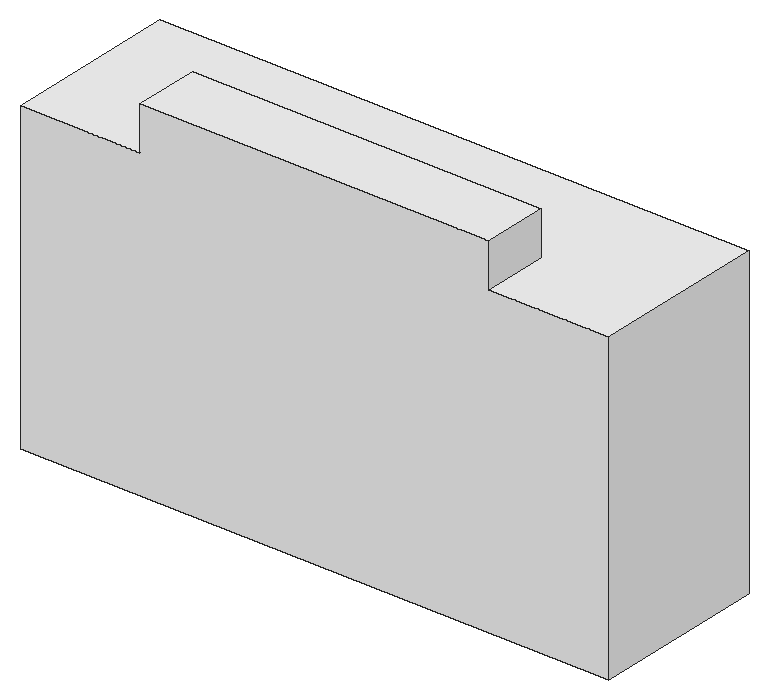
Revit family "T93023 Alu-K M LED 24m 2-s_Tak", category Lighting Fixtures, Revit 2016
Family settings
  Part Type = Normal
  Round Connector Dimension = Use Diameter
  OmniClass Number = 23.80.70.11.21
  OmniClass Title = Emergency Lighting
  Work Plane-Based = No
  Always vertical = Yes
  Cut with Voids When Loaded = No
  Light Source = Yes
  Shared = No
  Room Calculation Point = No
Parameters (values of type "MarkeringsLys (Venstre)")
  Type Comments = "-UN"
  NS8360 = "4431_WT2"
  Markeringslys normal = no
  Markeringslys ikke normal = yes
  Keynote = "WT2"
  Height 2 = 20 mm
  Width = 80 mm
  Wattage Comments = "17 W"
  Wattage = 9.2903 W
  built-in parameter 1150110 = 1 (stored number, unit not read)
  Voltage = 230 V
  URL = ""
  built-in parameter 1114217 = 1 (stored number, unit not read)
  Tilt Angle = 90.00°
  built-in parameter 1150109 = 1 (stored number, unit not read)
  built-in parameter 1150134 = 3
  Symbol Positive Direction [instance] = yes
  Symbol Offset Side [instance] = 0 mm
  Symbol Offset Out [instance] = 0 mm
  built-in parameter 1150113 = 1 (stored number, unit not read)
  Reference Line Out [instance] = 50 mm
  Photometric Web File = "20x42A12.ies"
  Number of Poles = 1
  MarkeringsLys Venstre = yes
  MarkeringsLys Ned = no
  MarkeringsLys Opp = no
  MarkeringsLys Høyre = no
  MarkeringsLys 45 Opp mot venstre = no
  MarkeringsLys 45 Opp mot høyre = no
  MarkeringsLys 45 Ned mot venstre = no
  MarkeringsLys 45 Ned mot høyre = no
  ML = yes
  built-in parameter 1150105 = 109.82 (stored number, unit not read)
  Lumens = 1380 lm
  built-in parameter 1150115 = 1 (stored number, unit not read)
  Load Classification [instance] = Other
  Model = ""
  Manufacturer = "Honeywell"
  built-in parameter 1150137 = (empty or 0)
  built-in parameter 1150139 = (empty or 0)
  Length 1 = 250 mm
  Length = 270 mm
  LedeLys = no
  built-in parameter 1150112 = 1 (stored number, unit not read)
  built-in parameter 1150114 = 1 (stored number, unit not read)
  Lamp = "1"
  built-in parameter 1150132 = (empty or 0)
  built-in parameter 1150102 = (empty or 0)
  built-in parameter 1150107 = 3200 (stored number, unit not read)
  built-in parameter 1150138 = (empty or 0)
  built-in parameter 1150106 = 1.0982 (stored number, unit not read)
  Height 1 = 122 mm
  Height = 141 mm
  Emit from Rectangle Width = Height  # 141 mm
  Emit from Rectangle Length = Length  # 270 mm
  Emit Shape Visible in Rendering = no
  built-in parameter 1150104 = 13.8 (stored number, unit not read)
  Dimming Lamp Color Temperature Shift = <None>
  Description = ""
  Color Filter = 16777215
  Body Material and Colour = White
  built-in parameter 1114218 = 1 (stored number, unit not read)
  built-in parameter 1150133 = 10 (stored number, unit not read)
  Assembly Code = "4431"
  Apparent Load = 17 VA
Types (9, lengths in mm): name | NS8360 | Markeringslys normal | Markeringslys ikke normal | MarkeringsLys Venstre | MarkeringsLys Ned | MarkeringsLys Opp | MarkeringsLys Høyre | MarkeringsLys 45 Opp mot venstre | MarkeringsLys 45 Opp mot høyre | MarkeringsLys 45 Ned mot venstre | MarkeringsLys 45 Ned mot høyre | ML | LedeLys | Assembly Code
  LedeLys | "4432_WT2" | yes | no | no | no | no | no | no | no | no | no | no | yes | "4432"
  MarkeringsLys (Ned) | "4431_WT2" | yes | no | no | yes | no | no | no | no | no | no | yes | no | "4431"
  MarkeringsLys (Opp) | "4431_WT2" | yes | no | no | no | yes | no | no | no | no | no | yes | no | "4431"
  MarkeringsLys (Venstre) | "4431_WT2" | no | yes | yes | no | no | no | no | no | no | no | yes | no | "4431"
  MarkeringsLys (Høyre) | "4431_WT2" | yes | no | no | no | no | yes | no | no | no | no | yes | no | "4431"
  MarkeringsLys (45 Ned mot høyre) | "4431_WT2" | yes | no | no | no | no | no | no | no | no | yes | yes | no | "4431"
  MarkeringsLys (45 Ned mot venstre) | "4431_WT2" | no | yes | no | no | no | no | no | no | yes | no | yes | no | "4431"
  MarkeringsLys (45 Opp mot høyre) | "4431_WT2" | yes | no | no | no | no | no | no | yes | no | no | yes | no | "4431"
  MarkeringsLys (45 Opp mot venstre) | "4431_WT2" | no | yes | no | no | no | no | yes | no | no | no | yes | no | "4431"
Reference planes
  plane 1 "Light Source Axis (F/B)": y = 119.961
  plane 2 "Top": z = 83
  plane 3 "Light Source Axis (L/R)": x = 0
  plane 4 "Level": z = -20
  plane 5 "Bottom": z = -161
  plane 6: x = -135
  plane 7: x = 135
  plane 8: y = 197.961
  plane 9: y = 199.961
  plane 10: z = -29.5
  plane 11: x = -125
  plane 12: x = 125
  plane 13: z = -90.5
  plane 14: z = -151.5
  plane 15: x = -80
  plane 16: x = 80
  plane 17: y = 149.961
Forms (mm)
  Extrusion 1, solid, material "White" <- "Body Material and Colour"
    sketch origin (0, 119.961, 0) x (1, 0, 0) y (0, 0, 1)
      loop
        line (-135, -20) -> (-135, -161) -> (135, -161) -> (135, -20) -> (-135, -20)
    from 0 to -78
  Extrusion 2, solid, material "White" <- "Body Material and Colour"
    sketch origin (0, 119.961, 0) x (1, 0, 0) y (0, 0, 1)
      loop
        line (-135, -20) -> (-135, -161) -> (135, -161) -> (135, -20) -> (-135, -20)
      loop
        line (-125, -29.5) -> (-125, -151.5) -> (125, -151.5) -> (125, -29.5) -> (-125, -29.5)
    from -80 to -78
  Extrusion 3, solid, material "White" <- "Body Material and Colour"
    sketch origin (0, 119.961, 0) x (1, 0, 0) y (0, 0, 1)
      loop
        line (-80, 0) -> (-80, -20) -> (80, -20) -> (80, 0) -> (-80, 0)
    from 0 to -30
Cuts and joins
  joined: Extrusion 1, Extrusion 2, Extrusion 3
Lines and regions (mm)
  model lines, style "InvisibleLines"
    curve 1: line (0, 119.961, 0) -> (0, 169.961, 0)
  symbolic lines, style "InvisibleLines"
    curve 2: line (0, 119.961, 50) -> (0, 119.961, 0)
Dimensions and locks
  equal spacing: plane 6, plane 3 "Light Source Axis (L/R)", plane 7
  "Length": plane 6 to plane 7
  plane 8 to plane 1 "Light Source Axis (F/B)" = 78 mm
  locked: plane 9 to plane 8 at 2
  equal spacing: plane 4 "Level", plane 13, plane 5 "Bottom"
  "Height": plane 4 "Level" to plane 5 "Bottom"
  equal spacing: plane 11, plane 3 "Light Source Axis (L/R)", plane 12
  "Length 1": plane 11 to plane 12
  equal spacing: plane 10, plane 13, plane 14
  "Height 1": plane 10 to plane 14
  "Width": plane 1 "Light Source Axis (F/B)" to plane 9
  "Reference Line Out": plane 1 "Light Source Axis (F/B)" to curve 1
  plane 11 to plane 6 = 10 mm
  "Height 2": level to plane 4 "Level"
  equal spacing: plane 16, plane 3 "Light Source Axis (L/R)", plane 15
  locked: plane 16 to plane 15 at 160
  plane 1 "Light Source Axis (F/B)" to plane 17 = 30 mm
  aligned and locked: plane 3 "Light Source Axis (L/R)" to nested 2
  aligned and locked: plane 1 "Light Source Axis (F/B)" to nested 2
  aligned and locked: plane 8 to nested 1
  aligned and locked: plane 4 "Level" to Extrusion 1 sketch curve
  aligned and locked: plane 6 to Extrusion 1 sketch curve
  aligned and locked: plane 5 "Bottom" to Extrusion 1 sketch curve
  aligned and locked: Extrusion 1 sketch curve to plane 7
  aligned and locked: Extrusion 1 to plane 8
  aligned and locked: plane 1 "Light Source Axis (F/B)" to Extrusion 1
  aligned and locked: plane 4 "Level" to Extrusion 2 sketch curve
  aligned and locked: Extrusion 2 sketch curve to plane 7
  aligned and locked: plane 5 "Bottom" to Extrusion 2 sketch curve
  aligned and locked: plane 6 to Extrusion 2 sketch curve
  aligned and locked: Extrusion 2 sketch curve to plane 10
  aligned and locked: plane 11 to Extrusion 2 sketch curve
  aligned and locked: plane 14 to Extrusion 2 sketch curve
  aligned and locked: Extrusion 2 sketch curve to plane 12
  aligned and locked: plane 8 to Extrusion 2
  aligned and locked: Extrusion 2 to plane 9
  aligned and locked: nested 1 to plane 13
  aligned and locked: plane 13 to imposter light
  aligned and locked: imposter light to plane 1 "Light Source Axis (F/B)"
  aligned and locked: imposter light to plane 3 "Light Source Axis (L/R)"
  aligned and locked: plane 1 "Light Source Axis (F/B)" to curve 1
  aligned and locked: plane 3 "Light Source Axis (L/R)" to curve 1
  aligned and locked: nested 3 to plane 3 "Light Source Axis (L/R)"
  aligned and locked: plane 13 to nested 3
  aligned and locked: nested 3 to plane 8
  aligned and locked: plane 13 to nested 4
  aligned and locked: nested 4 to plane 3 "Light Source Axis (L/R)"
  aligned and locked: nested 4 to plane 8
  aligned and locked: plane 13 to nested 5
  aligned and locked: nested 5 to plane 3 "Light Source Axis (L/R)"
  aligned and locked: nested 5 to plane 8
  aligned and locked: plane 13 to nested 6
  aligned and locked: nested 6 to plane 3 "Light Source Axis (L/R)"
  aligned and locked: nested 6 to plane 8
  aligned and locked: nested 7 to plane 8
  aligned and locked: nested 7 to plane 3 "Light Source Axis (L/R)"
  aligned and locked: plane 13 to nested 7
  aligned and locked: nested 8 to plane 8
  aligned and locked: nested 8 to plane 3 "Light Source Axis (L/R)"
  aligned and locked: plane 13 to nested 8
  aligned and locked: nested 9 to plane 8
  aligned and locked: plane 13 to nested 9
  aligned and locked: nested 9 to plane 3 "Light Source Axis (L/R)"
  aligned and locked: plane 15 to Extrusion 3 sketch curve
  aligned and locked: Extrusion 3 sketch curve to plane 16
  aligned and locked: Extrusion 3 sketch curve to level
  aligned and locked: Extrusion 3 sketch curve to plane 4 "Level"
  aligned and locked: plane 17 to Extrusion 3
  aligned and locked: level to curve 2
  aligned and locked: plane 3 "Light Source Axis (L/R)" to curve 2
  aligned and locked: plane 3 "Light Source Axis (L/R)" to nested 10
  aligned and locked: plane 1 "Light Source Axis (F/B)" to nested 10
Automatic sketch dimensions
  plane 2 "Top" to curve 2 = 33 mm
Nested families
  nested 1: "Formula 65_ned" at (0, 197.961, -90.5), type "Formula 65"
  nested 2: "LedelysS" at (0, 119.961, 0), visible <- "LedeLys", type "Type 1"
  nested 3: "Formula 65_skrått 45 grader ned mot høyre" at (0, 197.961, -90.5) x (-1, 0, 0) z (0, 0, 1), visible <- "LedeLys", type "Formula 65"
  nested 4: "Formula 65_skrått 45 grader ned mot venstre" at (0, 197.961, -90.5) x (-1, 0, 0) z (0, 0, 1), type "Formula 65"
  nested 5: "Formula 65_skrått 45 grader opp mot høyre" at (0, 197.961, -90.5) x (-1, 0, 0) z (0, 0, 1), type "Formula 65"
  nested 6: "Formula 65_skrått 45 grader opp mot venstre" at (0, 197.961, -90.5) x (-1, 0, 0) z (0, 0, 1), type "Formula 65"
  nested 7: "Formula 65_høyre" at (0, 197.961, -90.5) x (-1, 0, 0) z (0, 0, 1), type "Formula 65"
  nested 8: "Formula 65_opp" at (0, 197.961, -90.5) x (-1, 0, 0) z (0, 0, 1), type "Formula 65"
  nested 9: "Formula 65_venstre" at (0, 197.961, -90.5) x (-1, 0, 0) z (0, 0, 1), type "Formula 65"
  nested 10: "Markeringslys1sideTakS" at (0, 119.961, 0), visible <- "ML", type "Type 1"
Connectors
  electrical at (0, 119.961, 0), driven by "Number of Poles", driven by "Load Classification", driven by "Voltage", driven by "Apparent Load"
    settings: index 1, voltage 230 V, apparent load 0 VA, apparent load phase1 17 VA, apparent load phase2 0 VA, apparent load phase3 0 VA, power factor 1, load classification "Other", number of poles 1, system type 31, power factor state 1, is connector primary yes, connector utility no, sub classification motor no, connector description ""
Definition of nested family "Formula 65_venstre"
  Parameters (values of type "Formula 65")
    Venstre = yes
    L = 250 mm
    H = 135 mm
  Reference planes
    plane 1 "Center (Front/Back)": y = 0
    plane 2: z = 0
    plane 3 "Center (Left/Right)": x = 0
    plane 4: y = -2
  Forms (mm)
    Extrusion 1, solid, visible <- "Venstre"
      sketch origin (453.48, 0, -265.275) x (1, 0, 0) y (0, 0, 1)
        loop
          line (-328.48, 326.275) -> (-578.48, 326.275) -> (-578.48, 204.275) -> (-328.48, 204.275) -> (-328.48, 326.275)
        loop
          circle (-420.272, 307.901) r 7.948
        loop
          line (-413.762, 293.92) -> (-417.907, 289.775) -> (-413.259, 281.726) -> (-426.456, 270.652)
          arc (-426.456, 270.652) -> (-427.234, 269.157) -> (-426.728, 267.55) r 2.202
          line (-426.728, 267.55) -> (-424.841, 265.302)
          arc (-424.841, 265.302) -> (-423.346, 264.524) -> (-421.739, 265.03) r 2.202
          line (-421.739, 265.03) -> (-409.533, 275.272) -> (-403.944, 265.592) -> (-416.764, 254.834) -> (-416.764, 219.801)
          arc (-416.764, 219.801) -> (-415.69, 217.206) -> (-413.095, 216.131) r 3.669
          line (-413.095, 216.131) -> (-409.425, 216.131)
          arc (-409.425, 216.131) -> (-406.831, 217.206) -> (-405.756, 219.801) r 3.669
          line (-405.756, 219.801) -> (-405.756, 249.701) -> (-398.355, 255.911) -> (-392.493, 245.757) -> (-354.384, 245.757)
          arc (-354.384, 245.757) -> (-351.79, 246.832) -> (-350.715, 249.426) r 3.669
          line (-350.715, 249.426) -> (-350.715, 253.096)
          arc (-350.715, 253.096) -> (-351.79, 255.69) -> (-354.384, 256.765) r 3.669
          line (-354.384, 256.765) -> (-373.426, 256.765) -> (-391.907, 288.775) -> (-372.812, 285.056) -> (-365.934, 273.144)
          arc (-365.934, 273.144) -> (-364.541, 272.104) -> (-362.828, 272.398) r 2.202
          line (-362.828, 272.398) -> (-360.285, 274.049)
          arc (-360.285, 274.049) -> (-359.331, 275.438) -> (-359.638, 277.095) r 2.202
          line (-359.638, 277.095) -> (-369.208, 291.831) -> (-407.391, 299.266) -> (-413.762, 293.92)
        loop
          line (-533.901, 289.876) -> (-558.502, 265.275) -> (-533.901, 240.673) -> (-519.14, 240.673) -> (-536.361, 257.894) -> (-463.502, 257.894) -> (-463.502, 272.655) -> (-536.361, 272.655) -> (-519.14, 289.876) -> (-533.901, 289.876)
      from 0 to 2
  Dimensions and locks
    aligned and locked: level to plane 2
Definition of nested family "Formula 65_ned"
  Parameters (values of type "Formula 65")
    Ned = no
    L = 205 mm
    H = 135 mm
  Reference planes
    plane 1 "Center (Front/Back)": y = 0
    plane 2: z = 0
    plane 3 "Center (Left/Right)": x = 0
    plane 4: y = -2
  Forms (mm)
    Extrusion 1, solid, visible <- "Ned"
      sketch origin (453.48, 0, -265.275) x (1, 0, 0) y (0, 0, 1)
        loop
          line (-328.48, 326.275) -> (-578.48, 326.275) -> (-578.48, 204.275) -> (-328.48, 204.275) -> (-328.48, 326.275)
        loop
          line (-482.432, 242.376) -> (-482.432, 257.137) -> (-499.654, 239.916) -> (-499.654, 312.775) -> (-514.415, 312.775) -> (-514.415, 239.916) -> (-531.636, 257.137) -> (-531.636, 242.376) -> (-507.034, 217.775) -> (-482.432, 242.376)
        loop
          circle (-420.272, 307.901) r 7.948
        loop
          line (-413.762, 293.92) -> (-417.907, 289.775) -> (-413.259, 281.726) -> (-426.456, 270.652)
          arc (-426.456, 270.652) -> (-427.234, 269.157) -> (-426.728, 267.55) r 2.202
          line (-426.728, 267.55) -> (-424.841, 265.302)
          arc (-424.841, 265.302) -> (-423.346, 264.524) -> (-421.739, 265.03) r 2.202
          line (-421.739, 265.03) -> (-409.533, 275.272) -> (-403.944, 265.592) -> (-416.764, 254.834) -> (-416.764, 219.801)
          arc (-416.764, 219.801) -> (-415.69, 217.206) -> (-413.095, 216.131) r 3.669
          line (-413.095, 216.131) -> (-409.425, 216.131)
          arc (-409.425, 216.131) -> (-406.831, 217.206) -> (-405.756, 219.801) r 3.669
          line (-405.756, 219.801) -> (-405.756, 249.701) -> (-398.355, 255.911) -> (-392.493, 245.757) -> (-354.384, 245.757)
          arc (-354.384, 245.757) -> (-351.79, 246.832) -> (-350.715, 249.426) r 3.669
          line (-350.715, 249.426) -> (-350.715, 253.096)
          arc (-350.715, 253.096) -> (-351.79, 255.69) -> (-354.384, 256.765) r 3.669
          line (-354.384, 256.765) -> (-373.426, 256.765) -> (-391.907, 288.775) -> (-372.812, 285.056) -> (-365.934, 273.144)
          arc (-365.934, 273.144) -> (-364.541, 272.104) -> (-362.828, 272.398) r 2.202
          line (-362.828, 272.398) -> (-360.285, 274.049)
          arc (-360.285, 274.049) -> (-359.331, 275.438) -> (-359.638, 277.095) r 2.202
          line (-359.638, 277.095) -> (-369.208, 291.831) -> (-407.391, 299.266) -> (-413.762, 293.92)
      from 0 to 2
  Dimensions and locks
    aligned and locked: level to plane 2
Definition of nested family "LedelysS"
  Parameters
    CQ Symbol Positive Direction = yes
    CQ Symbol Negative Direction = not(CQ Symbol Positive Direction)  # no
    CQ Symbol Offset Side = 0 mm
    CQ Symbol Offset Out = 0 mm
  Reference planes
    plane 1: y = 0
    plane 2: x = 0
  Dimensions and locks
    "CQ Symbol Offset Out": plane 1 to nested 1
    "CQ Symbol Offset Out": plane 1 to nested 2
    "CQ Symbol Offset Side": plane 2 to nested 2
    "CQ Symbol Offset Side": nested 1 to plane 2
  Nested families
    nested 1: "LedelysSub" at (0, 0, 0), visible <- "CQ Symbol Negative Direction", type "Type 1"
    nested 2: "LedelysSub" at (0, 0, 0), visible <- "CQ Symbol Positive Direction", type "Type 1"
  Definition of nested family "LedelysSub"
    Reference planes
      plane 1: y = 0
      plane 2: x = 0
    Lines and regions (mm)
      detail lines
        curve 1: line (-4, 0, 0) -> (4, 0, 0)
        curve 2: line (4, 0, 0) -> (4, 4, 0)
        curve 3: line (4, 4, 0) -> (-4, 4, 0)
        curve 4: line (-4, 4, 0) -> (-4, 0, 0)
        curve 5: line (-3.097, 0.75, 0) -> (-0.597, 3.25, 0)
        curve 6: line (-3.097, 3.25, 0) -> (-0.597, 0.75, 0)
        curve 7: circle (-1.847, 2, 0) r 1.2 normal (0, 0, 1)
    Text (mm)
      text "LL" at (2.179, 3.025, 0)
Definition of nested family "Formula 65_skrått 45 grader ned mot høyre"
  Parameters (values of type "Formula 65")
    L = 205 mm
    H = 135 mm
    45 ned mot høyre = no
  Reference planes
    plane 1 "Center (Front/Back)": y = 0
    plane 2: z = 0
    plane 3 "Center (Left/Right)": x = 0
    plane 4: y = -2
    plane 5: x = -242.63
    plane 6: x = 245
  Forms (mm)
    Extrusion 1, solid, visible <- "45 ned mot høyre"
      sketch origin (453.48, 0, -265.275) x (1, 0, 0) y (0, 0, 1)
        loop
          line (-328.48, 326.275) -> (-578.48, 326.275) -> (-578.48, 204.275) -> (-328.48, 204.275) -> (-328.48, 326.275)
        loop
          circle (-486.687, 307.901) r 7.948
        loop
          line (-493.197, 293.92) -> (-499.568, 299.266) -> (-537.751, 291.831) -> (-547.321, 277.095)
          arc (-547.321, 277.095) -> (-547.628, 275.438) -> (-546.674, 274.049) r 2.202
          line (-546.674, 274.049) -> (-544.131, 272.398)
          arc (-544.131, 272.398) -> (-542.418, 272.104) -> (-541.025, 273.144) r 2.202
          line (-541.025, 273.144) -> (-534.147, 285.056) -> (-515.052, 288.775) -> (-533.533, 256.765) -> (-552.575, 256.765)
          arc (-552.575, 256.765) -> (-555.169, 255.69) -> (-556.244, 253.096) r 3.669
          line (-556.244, 253.096) -> (-556.244, 249.426)
          arc (-556.244, 249.426) -> (-555.169, 246.832) -> (-552.575, 245.757) r 3.669
          line (-552.575, 245.757) -> (-514.466, 245.757) -> (-508.604, 255.911) -> (-501.203, 249.701) -> (-501.203, 219.801)
          arc (-501.203, 219.801) -> (-500.128, 217.206) -> (-497.534, 216.131) r 3.669
          line (-497.534, 216.131) -> (-493.864, 216.131)
          arc (-493.864, 216.131) -> (-491.27, 217.206) -> (-490.195, 219.801) r 3.669
          line (-490.195, 219.801) -> (-490.195, 254.834) -> (-503.015, 265.592) -> (-497.426, 275.272) -> (-485.22, 265.03)
          arc (-485.22, 265.03) -> (-483.613, 264.524) -> (-482.118, 265.302) r 2.202
          line (-482.118, 265.302) -> (-480.232, 267.55)
          arc (-480.232, 267.55) -> (-479.725, 269.157) -> (-480.503, 270.652) r 2.202
          line (-480.503, 270.652) -> (-493.7, 281.726) -> (-489.052, 289.775) -> (-493.197, 293.92)
        loop
          line (-356.119, 266.479) -> (-366.557, 276.917) -> (-366.557, 252.562) -> (-418.076, 304.081) -> (-428.513, 293.644) -> (-376.994, 242.125) -> (-401.349, 242.125) -> (-390.911, 231.687) -> (-356.119, 231.687) -> (-356.119, 266.479)
      from 0 to 2
  Dimensions and locks
    aligned and locked: level to plane 2
Definition of nested family "Formula 65_skrått 45 grader ned mot venstre"
  Parameters (values of type "Formula 65")
    L = 205 mm
    H = 135 mm
    45 ned mot venstre = no
  Reference planes
    plane 1 "Center (Front/Back)": y = 0
    plane 2: z = 0
    plane 3 "Center (Left/Right)": x = 0
    plane 4: y = -2
  Forms (mm)
    Extrusion 1, solid, visible <- "45 ned mot venstre"
      sketch origin (453.48, 0, -265.275) x (1, 0, 0) y (0, 0, 1)
        loop
          line (-328.48, 326.275) -> (-578.48, 326.275) -> (-578.48, 204.275) -> (-328.48, 204.275) -> (-328.48, 326.275)
        loop
          circle (-420.272, 307.901) r 7.948
        loop
          line (-413.762, 293.92) -> (-417.907, 289.775) -> (-413.259, 281.726) -> (-426.456, 270.652)
          arc (-426.456, 270.652) -> (-427.234, 269.157) -> (-426.728, 267.55) r 2.202
          line (-426.728, 267.55) -> (-424.841, 265.302)
          arc (-424.841, 265.302) -> (-423.346, 264.524) -> (-421.739, 265.03) r 2.202
          line (-421.739, 265.03) -> (-409.533, 275.272) -> (-403.944, 265.592) -> (-416.764, 254.834) -> (-416.764, 219.801)
          arc (-416.764, 219.801) -> (-415.69, 217.206) -> (-413.095, 216.131) r 3.669
          line (-413.095, 216.131) -> (-409.425, 216.131)
          arc (-409.425, 216.131) -> (-406.831, 217.206) -> (-405.756, 219.801) r 3.669
          line (-405.756, 219.801) -> (-405.756, 249.701) -> (-398.355, 255.911) -> (-392.493, 245.757) -> (-354.384, 245.757)
          arc (-354.384, 245.757) -> (-351.79, 246.832) -> (-350.715, 249.426) r 3.669
          line (-350.715, 249.426) -> (-350.715, 253.096)
          arc (-350.715, 253.096) -> (-351.79, 255.69) -> (-354.384, 256.765) r 3.669
          line (-354.384, 256.765) -> (-373.426, 256.765) -> (-391.907, 288.775) -> (-372.812, 285.056) -> (-365.934, 273.144)
          arc (-365.934, 273.144) -> (-364.541, 272.104) -> (-362.828, 272.398) r 2.202
          line (-362.828, 272.398) -> (-360.285, 274.049)
          arc (-360.285, 274.049) -> (-359.331, 275.438) -> (-359.638, 277.095) r 2.202
          line (-359.638, 277.095) -> (-369.208, 291.831) -> (-407.391, 299.266) -> (-413.762, 293.92)
        loop
          line (-545.84, 266.479) -> (-545.84, 231.687) -> (-511.048, 231.687) -> (-500.61, 242.125) -> (-524.965, 242.125) -> (-473.446, 293.644) -> (-483.883, 304.081) -> (-535.402, 252.562) -> (-535.402, 276.917) -> (-545.84, 266.479)
      from 0 to 2
  Dimensions and locks
    aligned and locked: level to plane 2
Definition of nested family "Formula 65_skrått 45 grader opp mot høyre"
  Parameters (values of type "Formula 65")
    L = 205 mm
    H = 135 mm
    45 grader opp mot høyre = no
  Reference planes
    plane 1 "Center (Front/Back)": y = 0
    plane 2: z = 0
    plane 3 "Center (Left/Right)": x = 0
    plane 4: y = -2
  Forms (mm)
    Extrusion 1, solid, visible <- "45 grader opp mot høyre"
      sketch origin (453.48, 0, -265.275) x (1, 0, 0) y (0, 0, 1)
        loop
          line (-328.48, 326.275) -> (-578.48, 326.275) -> (-578.48, 204.275) -> (-328.48, 204.275) -> (-328.48, 326.275)
        loop
          circle (-486.687, 307.901) r 7.948
        loop
          line (-493.197, 293.92) -> (-499.568, 299.266) -> (-537.751, 291.831) -> (-547.321, 277.095)
          arc (-547.321, 277.095) -> (-547.628, 275.438) -> (-546.674, 274.049) r 2.202
          line (-546.674, 274.049) -> (-544.131, 272.398)
          arc (-544.131, 272.398) -> (-542.418, 272.104) -> (-541.025, 273.144) r 2.202
          line (-541.025, 273.144) -> (-534.147, 285.056) -> (-515.052, 288.775) -> (-533.533, 256.765) -> (-552.575, 256.765)
          arc (-552.575, 256.765) -> (-555.169, 255.69) -> (-556.244, 253.096) r 3.669
          line (-556.244, 253.096) -> (-556.244, 249.426)
          arc (-556.244, 249.426) -> (-555.169, 246.832) -> (-552.575, 245.757) r 3.669
          line (-552.575, 245.757) -> (-514.466, 245.757) -> (-508.604, 255.911) -> (-501.203, 249.701) -> (-501.203, 219.801)
          arc (-501.203, 219.801) -> (-500.128, 217.206) -> (-497.534, 216.131) r 3.669
          line (-497.534, 216.131) -> (-493.864, 216.131)
          arc (-493.864, 216.131) -> (-491.27, 217.206) -> (-490.195, 219.801) r 3.669
          line (-490.195, 219.801) -> (-490.195, 254.834) -> (-503.015, 265.592) -> (-497.426, 275.272) -> (-485.22, 265.03)
          arc (-485.22, 265.03) -> (-483.613, 264.524) -> (-482.118, 265.302) r 2.202
          line (-482.118, 265.302) -> (-480.232, 267.55)
          arc (-480.232, 267.55) -> (-479.725, 269.157) -> (-480.503, 270.652) r 2.202
          line (-480.503, 270.652) -> (-493.7, 281.726) -> (-489.052, 289.775) -> (-493.197, 293.92)
        loop
          line (-356.119, 264.07) -> (-356.119, 298.862) -> (-390.911, 298.862) -> (-401.349, 288.425) -> (-376.994, 288.425) -> (-428.513, 236.906) -> (-418.076, 226.468) -> (-366.557, 277.987) -> (-366.557, 253.633) -> (-356.119, 264.07)
      from 0 to 2
  Dimensions and locks
    aligned and locked: level to plane 2
Definition of nested family "Formula 65_skrått 45 grader opp mot venstre"
  Parameters (values of type "Formula 65")
    L = 205 mm
    H = 135 mm
    45 opp mot venstre = no
  Reference planes
    plane 1 "Center (Front/Back)": y = 0
    plane 2: z = 0
    plane 3 "Center (Left/Right)": x = 0
    plane 4: y = -2
  Forms (mm)
    Extrusion 1, solid, visible <- "45 opp mot venstre"
      sketch origin (453.48, 0, -265.275) x (1, 0, 0) y (0, 0, 1)
        loop
          line (-328.48, 326.275) -> (-578.48, 326.275) -> (-578.48, 204.275) -> (-328.48, 204.275) -> (-328.48, 326.275)
        loop
          circle (-420.272, 307.901) r 7.948
        loop
          line (-413.762, 293.92) -> (-417.907, 289.775) -> (-413.259, 281.726) -> (-426.456, 270.652)
          arc (-426.456, 270.652) -> (-427.234, 269.157) -> (-426.728, 267.55) r 2.202
          line (-426.728, 267.55) -> (-424.841, 265.302)
          arc (-424.841, 265.302) -> (-423.346, 264.524) -> (-421.739, 265.03) r 2.202
          line (-421.739, 265.03) -> (-409.533, 275.272) -> (-403.944, 265.592) -> (-416.764, 254.834) -> (-416.764, 219.801)
          arc (-416.764, 219.801) -> (-415.69, 217.206) -> (-413.095, 216.131) r 3.669
          line (-413.095, 216.131) -> (-409.425, 216.131)
          arc (-409.425, 216.131) -> (-406.831, 217.206) -> (-405.756, 219.801) r 3.669
          line (-405.756, 219.801) -> (-405.756, 249.701) -> (-398.355, 255.911) -> (-392.493, 245.757) -> (-354.384, 245.757)
          arc (-354.384, 245.757) -> (-351.79, 246.832) -> (-350.715, 249.426) r 3.669
          line (-350.715, 249.426) -> (-350.715, 253.096)
          arc (-350.715, 253.096) -> (-351.79, 255.69) -> (-354.384, 256.765) r 3.669
          line (-354.384, 256.765) -> (-373.426, 256.765) -> (-391.907, 288.775) -> (-372.812, 285.056) -> (-365.934, 273.144)
          arc (-365.934, 273.144) -> (-364.541, 272.104) -> (-362.828, 272.398) r 2.202
          line (-362.828, 272.398) -> (-360.285, 274.049)
          arc (-360.285, 274.049) -> (-359.331, 275.438) -> (-359.638, 277.095) r 2.202
          line (-359.638, 277.095) -> (-369.208, 291.831) -> (-407.391, 299.266) -> (-413.762, 293.92)
        loop
          line (-555.84, 264.07) -> (-545.402, 253.633) -> (-545.402, 277.987) -> (-493.883, 226.468) -> (-483.446, 236.906) -> (-534.965, 288.425) -> (-510.61, 288.425) -> (-521.048, 298.862) -> (-555.84, 298.862) -> (-555.84, 264.07)
      from 0 to 2
  Dimensions and locks
    aligned and locked: level to plane 2
Definition of nested family "Formula 65_høyre"
  Parameters (values of type "Formula 65")
    L = 205 mm
    Høyre = no
    H = 135 mm
  Reference planes
    plane 1 "Center (Front/Back)": y = 0
    plane 2: z = 0
    plane 3 "Center (Left/Right)": x = 0
    plane 4: y = -2
  Forms (mm)
    Extrusion 1, solid, visible <- "Høyre"
      sketch origin (453.48, 0, -265.275) x (1, 0, 0) y (0, 0, 1)
        loop
          line (-328.48, 326.275) -> (-578.48, 326.275) -> (-578.48, 204.275) -> (-328.48, 204.275) -> (-328.48, 326.275)
        loop
          circle (-486.687, 307.901) r 7.948
        loop
          line (-493.197, 293.92) -> (-499.568, 299.266) -> (-537.751, 291.831) -> (-547.321, 277.095)
          arc (-547.321, 277.095) -> (-547.628, 275.438) -> (-546.674, 274.049) r 2.202
          line (-546.674, 274.049) -> (-544.131, 272.398)
          arc (-544.131, 272.398) -> (-542.418, 272.104) -> (-541.025, 273.144) r 2.202
          line (-541.025, 273.144) -> (-534.147, 285.056) -> (-515.052, 288.775) -> (-533.533, 256.765) -> (-552.575, 256.765)
          arc (-552.575, 256.765) -> (-555.169, 255.69) -> (-556.244, 253.096) r 3.669
          line (-556.244, 253.096) -> (-556.244, 249.426)
          arc (-556.244, 249.426) -> (-555.169, 246.832) -> (-552.575, 245.757) r 3.669
          line (-552.575, 245.757) -> (-514.466, 245.757) -> (-508.604, 255.911) -> (-501.203, 249.701) -> (-501.203, 219.801)
          arc (-501.203, 219.801) -> (-500.128, 217.206) -> (-497.534, 216.131) r 3.669
          line (-497.534, 216.131) -> (-493.864, 216.131)
          arc (-493.864, 216.131) -> (-491.27, 217.206) -> (-490.195, 219.801) r 3.669
          line (-490.195, 219.801) -> (-490.195, 254.834) -> (-503.015, 265.592) -> (-497.426, 275.272) -> (-485.22, 265.03)
          arc (-485.22, 265.03) -> (-483.613, 264.524) -> (-482.118, 265.302) r 2.202
          line (-482.118, 265.302) -> (-480.232, 267.55)
          arc (-480.232, 267.55) -> (-479.725, 269.157) -> (-480.503, 270.652) r 2.202
          line (-480.503, 270.652) -> (-493.7, 281.726) -> (-489.052, 289.775) -> (-493.197, 293.92)
        loop
          line (-364.308, 289.876) -> (-379.069, 289.876) -> (-361.848, 272.655) -> (-434.707, 272.655) -> (-434.707, 257.894) -> (-361.848, 257.894) -> (-379.069, 240.673) -> (-364.308, 240.673) -> (-339.707, 265.275) -> (-364.308, 289.876)
      from 0 to 2
  Dimensions and locks
    aligned and locked: level to plane 2
Definition of nested family "Formula 65_opp"
  Parameters (values of type "Formula 65")
    Up = no
    L = 205 mm
    H = 135 mm
  Reference planes
    plane 1 "Center (Front/Back)": y = 0
    plane 2: z = 0
    plane 3 "Center (Left/Right)": x = 0
    plane 4: y = -2
  Forms (mm)
    Extrusion 1, solid, visible <- "Up"
      sketch origin (453.48, 0, -265.275) x (1, 0, 0) y (0, 0, 1)
        loop
          line (-328.48, 326.275) -> (-578.48, 326.275) -> (-578.48, 204.275) -> (-328.48, 204.275) -> (-328.48, 326.275)
        loop
          circle (-420.272, 307.901) r 7.948
        loop
          line (-413.762, 293.92) -> (-417.907, 289.775) -> (-413.259, 281.726) -> (-426.456, 270.652)
          arc (-426.456, 270.652) -> (-427.234, 269.157) -> (-426.728, 267.55) r 2.202
          line (-426.728, 267.55) -> (-424.841, 265.302)
          arc (-424.841, 265.302) -> (-423.346, 264.524) -> (-421.739, 265.03) r 2.202
          line (-421.739, 265.03) -> (-409.533, 275.272) -> (-403.944, 265.592) -> (-416.764, 254.834) -> (-416.764, 219.801)
          arc (-416.764, 219.801) -> (-415.69, 217.206) -> (-413.095, 216.131) r 3.669
          line (-413.095, 216.131) -> (-409.425, 216.131)
          arc (-409.425, 216.131) -> (-406.831, 217.206) -> (-405.756, 219.801) r 3.669
          line (-405.756, 219.801) -> (-405.756, 249.701) -> (-398.355, 255.911) -> (-392.493, 245.757) -> (-354.384, 245.757)
          arc (-354.384, 245.757) -> (-351.79, 246.832) -> (-350.715, 249.426) r 3.669
          line (-350.715, 249.426) -> (-350.715, 253.096)
          arc (-350.715, 253.096) -> (-351.79, 255.69) -> (-354.384, 256.765) r 3.669
          line (-354.384, 256.765) -> (-373.426, 256.765) -> (-391.907, 288.775) -> (-372.812, 285.056) -> (-365.934, 273.144)
          arc (-365.934, 273.144) -> (-364.541, 272.104) -> (-362.828, 272.398) r 2.202
          line (-362.828, 272.398) -> (-360.285, 274.049)
          arc (-360.285, 274.049) -> (-359.331, 275.438) -> (-359.638, 277.095) r 2.202
          line (-359.638, 277.095) -> (-369.208, 291.831) -> (-407.391, 299.266) -> (-413.762, 293.92)
        loop
          line (-482.432, 288.173) -> (-507.034, 312.775) -> (-531.636, 288.173) -> (-531.636, 273.412) -> (-514.415, 290.633) -> (-514.415, 217.775) -> (-499.654, 217.775) -> (-499.654, 290.633) -> (-482.432, 273.412) -> (-482.432, 288.173)
      from 0 to 2
  Dimensions and locks
    aligned and locked: level to plane 2
Definition of nested family "Markeringslys1sideTakS"
  Parameters (values of type "Type 1")
    Venstre opp 45 = no
    Venstre ned 45 = no
    Venstre = yes
    Opp = no
    Normal = no
    Ned = no
    Ikke normal = yes
    Høyre opp 45 = no
    Høyre ned 45 = no
    Høyre = no
    CQ Symbol Positive Direction = yes
    CQ Symbol Negative Direction = not(CQ Symbol Positive Direction)  # no
    CQ Symbol Offset Side = 0 mm
    CQ Symbol Offset Out = 0 mm
  Reference planes
    plane 1: y = 0
    plane 2: x = 0
  Dimensions and locks
    "CQ Symbol Offset Out": plane 1 to nested 1
    "CQ Symbol Offset Out": plane 1 to nested 2
    "CQ Symbol Offset Side": plane 2 to nested 2
    "CQ Symbol Offset Side": nested 1 to plane 2
  Nested families
    nested 1: "Markeringslys dobbel" at (0, 0, 0), visible <- "CQ Symbol Negative Direction", type "Type 1"
    nested 2: "Markeringslys dobbel" at (0, 0, 0), visible <- "CQ Symbol Positive Direction", type "Type 1"
  Definition of nested family "Markeringslys dobbel"
    Parameters (values of type "Type 1")
      Venstre opp 45 = no
      Venstre ned 45 = no
      Venstre = yes
      Opp = no
      Normal = no
      Ned = no
      Ikke normal = yes
      Høyre opp 45 = no
      Høyre ned 45 = no
      Høyre = no
    Reference planes
      plane 1: y = 0
      plane 2: x = 0
    Lines and regions (mm)
      detail lines
        curve 1: line (-4, 0, 0) -> (4, 0, 0)
        curve 2: line (-4, 4, 0) -> (4, 4, 0)
        curve 3: line (4, 4, 0) -> (4, 0, 0)
        curve 4: line (4, 0, 0) -> (-4, 0, 0)
        curve 5: line (-4, 0, 0) -> (-4, 4, 0)
      detail lines, visible <- "Ned"
        curve 6: line (-2.346, 0.5, 0) -> (-1.646, 0.5, 0)
        curve 7: line (-2.346, 0.5, 0) -> (-2.346, 2.584, 0)
        curve 8: line (-1.646, 0.5, 0) -> (-1.646, 2.584, 0)
        curve 9: line (-1.996, 3.5, 0) -> (-2.996, 2.5, 0)
        curve 10: line (-2.996, 2.5, 0) -> (-2.996, 1.934, 0)
        curve 11: line (-2.996, 1.934, 0) -> (-2.346, 2.584, 0)
        curve 12: line (-1.996, 3.5, 0) -> (-0.996, 2.5, 0)
        curve 13: line (-0.996, 2.5, 0) -> (-0.996, 1.934, 0)
        curve 14: line (-0.996, 1.934, 0) -> (-1.646, 2.584, 0)
      detail lines, visible <- "Normal"
        curve 15: circle (1.212, 0.614, 0) r 0.3 normal (0, 0, -1)
        curve 16: line (0.986, 3.7, 0) -> (1.395, 3.7, 0)
        curve 17: line (0.986, 3.7, 0) -> (1.823, 2.308, 0)
        curve 18: line (1.823, 2.308, 0) -> (1.461, 1.495, 0)
        curve 19: line (1.069, 2.147, 0) -> (1.461, 1.495, 0)
        curve 20: line (1.069, 2.147, 0) -> (0.487, 2.147, 0)
        curve 21: line (0.487, 2.147, 0) -> (0.487, 1.847, 0)
        curve 22: line (0.487, 1.847, 0) -> (0.899, 1.847, 0)
        curve 23: line (0.899, 1.847, 0) -> (1.307, 1.169, 0)
        curve 24: line (1.395, 3.7, 0) -> (2.104, 2.518, 0)
        curve 25: line (1.307, 1.169, 0) -> (1.753, 0.97, 0)
        curve 26: line (1.753, 0.97, 0) -> (2.625, 0.97, 0)
        curve 27: line (2.625, 0.97, 0) -> (2.99, 1.627, 0)
        curve 28: line (2.99, 1.627, 0) -> (2.769, 1.848, 0)
        curve 29: line (2.769, 1.848, 0) -> (2.457, 1.285, 0)
        curve 30: line (2.104, 2.518, 0) -> (2.259, 3.229, 0)
        curve 31: line (2.259, 3.229, 0) -> (3.557, 3.229, 0)
        curve 32: line (3.557, 3.229, 0) -> (3.457, 2.879, 0)
        curve 33: line (3.457, 2.879, 0) -> (2.541, 2.879, 0)
        curve 34: line (2.541, 2.879, 0) -> (2.4, 2.23, 0)
        curve 35: line (2.4, 2.23, 0) -> (2.021, 1.38, 0)
        curve 36: line (2.021, 1.38, 0) -> (2.457, 1.285, 0)
      detail lines, visible <- "Opp"
        curve 37: line (-1.646, 3.5, 0) -> (-2.346, 3.5, 0)
        curve 38: line (-1.646, 3.5, 0) -> (-1.646, 1.416, 0)
        curve 39: line (-2.346, 3.5, 0) -> (-2.346, 1.416, 0)
        curve 40: line (-1.996, 0.5, 0) -> (-0.996, 1.5, 0)
        curve 41: line (-0.996, 1.5, 0) -> (-0.996, 2.066, 0)
        curve 42: line (-0.996, 2.066, 0) -> (-1.646, 1.416, 0)
        curve 43: line (-1.996, 0.5, 0) -> (-2.996, 1.5, 0)
        curve 44: line (-2.996, 1.5, 0) -> (-2.996, 2.066, 0)
        curve 45: line (-2.996, 2.066, 0) -> (-2.346, 1.416, 0)
      detail lines, visible <- "Høyre"
        curve 46: line (-0.496, 1.65, 0) -> (-0.496, 2.35, 0)
        curve 47: line (-0.496, 1.65, 0) -> (-2.58, 1.65, 0)
        curve 48: line (-0.496, 2.35, 0) -> (-2.58, 2.35, 0)
        curve 49: line (-3.496, 2, 0) -> (-2.466, 0.97, 0)
        curve 50: line (-2.496, 1, 0) -> (-1.93, 1, 0)
        curve 51: line (-1.93, 1, 0) -> (-2.58, 1.65, 0)
        curve 52: line (-3.496, 2, 0) -> (-2.496, 3, 0)
        curve 53: line (-2.496, 3, 0) -> (-1.93, 3, 0)
        curve 54: line (-1.93, 3, 0) -> (-2.58, 2.35, 0)
      detail lines, visible <- "Ikke normal"
        curve 55: circle (-1.299, 0.614, 0) r 0.3 normal (0, 0, 1)
        curve 56: line (-1.073, 3.7, 0) -> (-1.482, 3.7, 0)
        curve 57: line (-1.073, 3.7, 0) -> (-1.91, 2.308, 0)
        curve 58: line (-1.91, 2.308, 0) -> (-1.548, 1.495, 0)
        curve 59: line (-1.156, 2.147, 0) -> (-1.548, 1.495, 0)
        curve 60: line (-1.156, 2.147, 0) -> (-0.574, 2.147, 0)
        curve 61: line (-0.574, 2.147, 0) -> (-0.574, 1.847, 0)
        curve 62: line (-0.574, 1.847, 0) -> (-0.986, 1.847, 0)
        curve 63: line (-0.986, 1.847, 0) -> (-1.394, 1.169, 0)
        curve 64: line (-1.482, 3.7, 0) -> (-2.192, 2.518, 0)
        curve 65: line (-1.394, 1.169, 0) -> (-1.84, 0.97, 0)
        curve 66: line (-1.84, 0.97, 0) -> (-2.713, 0.97, 0)
        curve 67: line (-2.713, 0.97, 0) -> (-3.077, 1.627, 0)
        curve 68: line (-3.077, 1.627, 0) -> (-2.856, 1.848, 0)
        curve 69: line (-2.856, 1.848, 0) -> (-2.544, 1.285, 0)
        curve 70: line (-2.192, 2.518, 0) -> (-2.346, 3.229, 0)
        curve 71: line (-2.346, 3.229, 0) -> (-3.644, 3.229, 0)
        curve 72: line (-3.644, 3.229, 0) -> (-3.544, 2.879, 0)
        curve 73: line (-3.544, 2.879, 0) -> (-2.628, 2.879, 0)
        curve 74: line (-2.628, 2.879, 0) -> (-2.487, 2.23, 0)
        curve 75: line (-2.487, 2.23, 0) -> (-2.108, 1.38, 0)
        curve 76: line (-2.108, 1.38, 0) -> (-2.544, 1.285, 0)
      detail lines, visible <- "Venstre"
        curve 77: line (0.409, 1.65, 0) -> (0.409, 2.35, 0)
        curve 78: line (0.409, 1.65, 0) -> (2.493, 1.65, 0)
        curve 79: line (0.409, 2.35, 0) -> (2.493, 2.35, 0)
        curve 80: line (3.409, 2, 0) -> (2.409, 1, 0)
        curve 81: line (2.409, 1, 0) -> (1.843, 1, 0)
        curve 82: line (1.843, 1, 0) -> (2.493, 1.65, 0)
        curve 83: line (3.409, 2, 0) -> (2.409, 3, 0)
        curve 84: line (2.409, 3, 0) -> (1.843, 3, 0)
        curve 85: line (1.843, 3, 0) -> (2.493, 2.35, 0)
      detail lines, visible <- "Venstre opp 45"
        curve 86: line (0.601, 2.813, 0) -> (1.096, 3.308, 0)
        curve 87: line (0.601, 2.813, 0) -> (2.075, 1.339, 0)
        curve 88: line (1.096, 3.308, 0) -> (2.57, 1.834, 0)
        curve 89: line (2.97, 0.939, 0) -> (1.556, 0.939, 0)
        curve 90: line (1.556, 0.939, 0) -> (1.156, 1.339, 0)
        curve 91: line (1.156, 1.339, 0) -> (2.075, 1.339, 0)
        curve 92: line (2.97, 0.939, 0) -> (2.97, 2.354, 0)
        curve 93: line (2.97, 2.354, 0) -> (2.57, 2.754, 0)
        curve 94: line (2.57, 2.754, 0) -> (2.57, 1.834, 0)
      detail lines, visible <- "Venstre ned 45"
        curve 95: line (1.096, 0.939, 0) -> (0.601, 1.434, 0)
        curve 96: line (1.096, 0.939, 0) -> (2.57, 2.413, 0)
        curve 97: line (0.601, 1.434, 0) -> (2.075, 2.908, 0)
        curve 98: line (2.97, 3.308, 0) -> (2.97, 1.894, 0)
        curve 99: line (2.97, 1.894, 0) -> (2.57, 1.494, 0)
        curve 100: line (2.57, 1.494, 0) -> (2.57, 2.413, 0)
        curve 101: line (2.97, 3.308, 0) -> (1.556, 3.308, 0)
        curve 102: line (1.556, 3.308, 0) -> (1.156, 2.908, 0)
        curve 103: line (1.156, 2.908, 0) -> (2.075, 2.908, 0)
      detail lines, visible <- "Høyre ned 45"
        curve 104: line (-1.18, 0.517, 0) -> (-0.685, 1.012, 0)
        curve 105: line (-1.18, 0.517, 0) -> (-2.654, 1.991, 0)
        curve 106: line (-0.685, 1.012, 0) -> (-2.159, 2.486, 0)
        curve 107: line (-3.054, 2.886, 0) -> (-3.054, 1.472, 0)
        curve 108: line (-3.054, 1.472, 0) -> (-2.654, 1.072, 0)
        curve 109: line (-2.654, 1.072, 0) -> (-2.654, 1.991, 0)
        curve 110: line (-3.054, 2.886, 0) -> (-1.64, 2.886, 0)
        curve 111: line (-1.64, 2.886, 0) -> (-1.24, 2.486, 0)
        curve 112: line (-1.24, 2.486, 0) -> (-2.159, 2.486, 0)
      detail lines, visible <- "Høyre opp 45"
        curve 113: line (-0.685, 2.391, 0) -> (-1.18, 2.886, 0)
        curve 114: line (-0.685, 2.391, 0) -> (-2.159, 0.917, 0)
        curve 115: line (-1.18, 2.886, 0) -> (-2.654, 1.412, 0)
        curve 116: line (-3.054, 0.517, 0) -> (-1.64, 0.517, 0)
        curve 117: line (-1.64, 0.517, 0) -> (-1.24, 0.917, 0)
        curve 118: line (-1.24, 0.917, 0) -> (-2.159, 0.917, 0)
        curve 119: line (-3.054, 0.517, 0) -> (-3.054, 1.932, 0)
        curve 120: line (-3.054, 1.932, 0) -> (-2.654, 2.332, 0)
        curve 121: line (-2.654, 2.332, 0) -> (-2.654, 1.412, 0)
